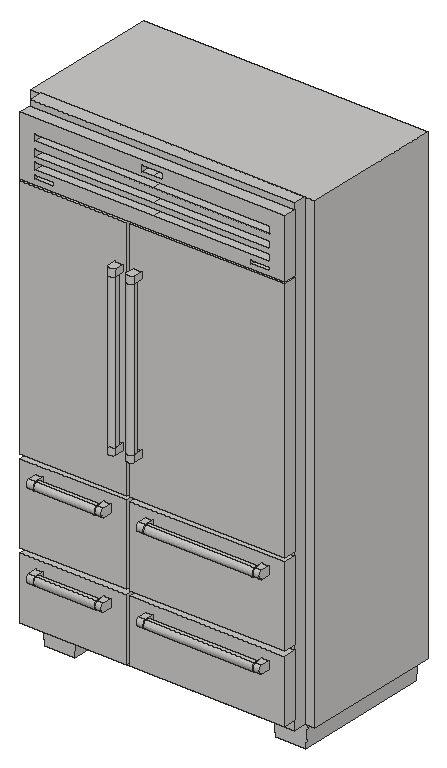
Revit family "PRO4850", category Specialty Equipment, Revit 2017
Family settings
  Round Connector Dimension = Use Diameter
  Part Type = Normal
  Work Plane-Based = No
  Always vertical = Yes
  Cut with Voids When Loaded = No
  Shared = No
  Room Calculation Point = No
Parameters
  URL = "www.yepsketch.com"
  Model = "PRO4850"
  AUTOR = "Yepsketch"
Reference planes
  plane 1 "Center (Front/Back)": y = 0
  plane 2: z = 0
  plane 3 "Center (Left/Right)": x = 0
  plane 4: x = 609.5
  plane 5: x = -609.5
  plane 6: y = 606
  plane 7: z = 2134
  plane 8: z = 775
  plane 9: z = 1845
  plane 10: y = -161
  plane 11: z = 102
  plane 12: x = -568.324
  plane 13: x = 568.324
Forms (mm)
  Extrusion 1, solid, material "stainlees steel"
    sketch origin (0, 0, 0) x (1, 0, 0) y (0, 1, 0)
      loop
        line (609.5, 606) -> (-609.5, 606) -> (-609.5, 0) -> (609.5, 0) -> (609.5, 606)
    from 102 to 2134
  Extrusion 2, solid, material "stainlees steel"
    sketch origin (0, 0, 0) x (0, 1, 0) y (0, 0, 1)
      loop
        line (0, 2134) -> (-55, 2134) -> (-55, 102) -> (0, 102) -> (0, 2134)
    from -568.324 to 568.324
  Extrusion 3, solid, material "stainlees steel"
    sketch origin (0, 0, 0) x (0, 1, 0) y (0, 0, 1)
      loop
        line (-55, 2109) -> (-110, 2109) -> (-110, 1854) -> (-55, 1854) -> (-55, 2109)
    from -568.324 to 568.324
  Extrusion 4, solid, material "stainlees steel"
    sketch origin (0, 0, 0) x (0, 1, 0) y (0, 0, 1)
      loop
        line (-55, 141.822) -> (-55, 411.822) -> (-110, 411.822) -> (-110, 141.822) -> (-55, 141.822)
    from -95.664 to 568.324
  Extrusion 5, solid, material "stainlees steel"
    sketch origin (0, 0, 290) x (0, 1, 0) y (0, 0, 1)
      loop
        line (-55, 141.822) -> (-55, 485) -> (-110, 485) -> (-110, 141.822) -> (-55, 141.822)
    from -95.664 to 568.324
  Extrusion 6, solid, material "stainlees steel"
    sketch origin (-680, 0, 0) x (0, 1, 0) y (0, 0, 1)
      loop
        line (-55, 141.822) -> (-55, 411.822) -> (-110, 411.822) -> (-110, 141.822) -> (-55, 141.822)
    from 111.676 to 568.324
  Extrusion 7, solid, material "stainlees steel"
    sketch origin (-680, 0, 290) x (0, 1, 0) y (0, 0, 1)
      loop
        line (-55, 141.822) -> (-55, 485) -> (-110, 485) -> (-110, 141.822) -> (-55, 141.822)
    from 111.676 to 568.324
  Extrusion 8, solid, material "stainlees steel"
    sketch origin (0, 0, 650) x (0, 1, 0) y (0, 0, 1)
      loop
        line (-55, 141.822) -> (-55, 1195) -> (-110, 1195) -> (-110, 141.822) -> (-55, 141.822)
    from -95.664 to 568.324
  Extrusion 9, solid, material "stainlees steel"
    sketch origin (-680, 0, 650) x (0, 1, 0) y (0, 0, 1)
      loop
        line (-55, 141.822) -> (-55, 1195) -> (-110, 1195) -> (-110, 141.822) -> (-55, 141.822)
    from 111.676 to 568.324
  Extrusion 10, solid, material "stainlees steel"
    sketch origin (0, 0, 0) x (1, 0, 0) y (0, 0, 1)
      loop
        line (568.324, 102) -> (420.476, 102) -> (429.4, 0) -> (559.4, 0) -> (568.324, 102)
    from -606 to -13.855
  Extrusion 11, solid, material "stainlees steel"
    sketch origin (-3.678, 0, 0) x (-1, 0, 0) y (0, 0, -1)
      loop
        line (568.324, -102) -> (559.4, 0) -> (429.4, 0) -> (420.476, -102) -> (568.324, -102)
    from -606 to -13.855
  Extrusion 12, solid, material "stainlees steel"
    sketch origin (0, 5.594, 0) x (0, 1, 0) y (0, 0, 1)
      loop
        line (-115.594, 336.822) -> (-115.594, 371.822) -> (-155, 371.822)
        arc (-155, 371.822) -> (-166.594, 354.322) -> (-155, 336.822) r 19.005
        line (-155, 336.822) -> (-115.594, 336.822)
    from 471.395 to 500.414
  Extrusion 13, solid, material "stainlees steel"
    sketch origin (0, 5.594, 365) x (0, 1, 0) y (0, 0, 1)
      loop
        line (-115.594, 336.822) -> (-115.594, 371.822) -> (-155, 371.822)
        arc (-155, 371.822) -> (-166.594, 354.322) -> (-155, 336.822) r 19.005
        line (-155, 336.822) -> (-115.594, 336.822)
    from 471.395 to 500.414
  Extrusion 14, solid, material "stainlees steel"
    sketch origin (472.66, 5.594, 365) x (0, 1, 0) y (0, 0, -1)
      loop
        line (-115.594, -336.822) -> (-155, -336.822)
        arc (-155, -336.822) -> (-166.594, -354.322) -> (-155, -371.822) r 19.005
        line (-155, -371.822) -> (-115.594, -371.822) -> (-115.594, -336.822)
    from 471.395 to 500.414
  Extrusion 15, solid, material "stainlees steel"
    sketch origin (-680, 5.594, 0) x (0, 1, 0) y (0, 0, 1)
      loop
        line (-115.594, 336.822) -> (-115.594, 371.822) -> (-155, 371.822)
        arc (-155, 371.822) -> (-166.594, 354.322) -> (-155, 336.822) r 19.005
        line (-155, 336.822) -> (-115.594, 336.822)
    from 471.395 to 500.414
  Extrusion 16, solid, material "stainlees steel"
    sketch origin (0, 5.594, 0) x (0, 1, 0) y (0, 0, -1)
      loop
        line (-115.594, -336.822) -> (-155, -336.822)
        arc (-155, -336.822) -> (-166.594, -354.322) -> (-155, -371.822) r 19.005
        line (-155, -371.822) -> (-115.594, -371.822) -> (-115.594, -336.822)
    from 471.395 to 500.414
  Extrusion 17, solid, material "stainlees steel"
    sketch origin (472.66, 5.594, 0) x (0, 1, 0) y (0, 0, -1)
      loop
        line (-115.594, -336.822) -> (-155, -336.822)
        arc (-155, -336.822) -> (-166.594, -354.322) -> (-155, -371.822) r 19.005
        line (-155, -371.822) -> (-115.594, -371.822) -> (-115.594, -336.822)
    from 471.395 to 500.414
  Extrusion 18, solid, material "stainlees steel"
    sketch origin (-680, 5.594, 365) x (0, 1, 0) y (0, 0, 1)
      loop
        line (-115.594, 336.822) -> (-115.594, 371.822) -> (-155, 371.822)
        arc (-155, 371.822) -> (-166.594, 354.322) -> (-155, 336.822) r 19.005
        line (-155, 336.822) -> (-115.594, 336.822)
    from 471.395 to 500.414
  Extrusion 19, solid, material "stainlees steel"
    sketch origin (0, 5.594, 365) x (0, 1, 0) y (0, 0, -1)
      loop
        line (-115.594, -336.822) -> (-155, -336.822)
        arc (-155, -336.822) -> (-166.594, -354.322) -> (-155, -371.822) r 19.005
        line (-155, -371.822) -> (-115.594, -371.822) -> (-115.594, -336.822)
    from 471.395 to 500.414
  Extrusion 20, solid, material "stainlees steel"
    sketch origin (0, 5.594, 0) x (0, 1, 0) y (0, 0, 1)
      loop
        arc (-155, 371.822) -> (-166.594, 354.322) -> (-155, 336.822) r 19.005
        line (-155, 336.822) -> (-140.178, 336.822) -> (-140.178, 371.822) -> (-155, 371.822)
    from 1.265 to 471.395
  Extrusion 21, solid, material "stainlees steel"
    sketch origin (0, 5.594, 365) x (0, 1, 0) y (0, 0, 1)
      loop
        arc (-155, 371.822) -> (-166.594, 354.322) -> (-155, 336.822) r 19.005
        line (-155, 336.822) -> (-140.178, 336.822) -> (-140.178, 371.822) -> (-155, 371.822)
    from 1.265 to 471.395
  Extrusion 22, solid, material "stainlees steel"
    sketch origin (-680, 5.594, 365) x (0, 1, 0) y (0, 0, 1)
      loop
        arc (-155, 371.822) -> (-166.594, 354.322) -> (-155, 336.822) r 19.005
        line (-155, 336.822) -> (-140.178, 336.822) -> (-140.178, 371.822) -> (-155, 371.822)
    from 208.605 to 471.395
  Extrusion 23, solid, material "stainlees steel"
    sketch origin (-680, 5.594, 0) x (0, 1, 0) y (0, 0, 1)
      loop
        arc (-155, 371.822) -> (-166.594, 354.322) -> (-155, 336.822) r 19.005
        line (-155, 336.822) -> (-140.178, 336.822) -> (-140.178, 371.822) -> (-155, 371.822)
    from 208.605 to 471.395
  Extrusion 24, solid, material "stainlees steel"
    sketch origin (-417.971, 5.594, 1177.101) x (1, 0, 0) y (0, 1, 0)
      loop
        line (336.822, -115.594) -> (336.822, -155)
        arc (336.822, -155) -> (354.322, -166.594) -> (371.822, -155) r 19.005
        line (371.822, -155) -> (371.822, -115.594) -> (336.822, -115.594)
    from 471.395 to 500.414
  Extrusion 25, solid, material "stainlees steel"
    sketch origin (-417.971, 5.594, 489.441) x (0, 1, 0) y (-1, 0, 0)
      loop
        line (-115.594, -336.822) -> (-155, -336.822)
        arc (-155, -336.822) -> (-166.594, -354.322) -> (-155, -371.822) r 19.005
        line (-155, -371.822) -> (-115.594, -371.822) -> (-115.594, -336.822)
    from 471.395 to 500.414
  Extrusion 26, solid, material "stainlees steel"
    sketch origin (-417.971, 5.594, 1177.101) x (1, 0, 0) y (0, 1, 0)
      loop
        line (371.822, -155) -> (371.822, -140.178) -> (336.822, -140.178) -> (336.822, -155)
        arc (336.822, -155) -> (354.322, -166.594) -> (371.822, -155) r 19.005
    from -187.245 to 471.395
  Extrusion 27, solid, material "stainlees steel"
    sketch origin (210.631, 5.594, 1177.101) x (1, 0, 0) y (0, 1, 0)
      loop
        line (-336.822, -115.594) -> (-371.822, -115.594) -> (-371.822, -155)
        arc (-371.822, -155) -> (-354.322, -166.594) -> (-336.822, -155) r 19.005
        line (-336.822, -155) -> (-336.822, -115.594)
    from 471.395 to 500.414
  Extrusion 28, solid, material "stainlees steel"
    sketch origin (210.631, 5.594, 489.441) x (0, 1, 0) y (-1, 0, 0)
      loop
        line (-115.594, 336.822) -> (-115.594, 371.822) -> (-155, 371.822)
        arc (-155, 371.822) -> (-166.594, 354.322) -> (-155, 336.822) r 19.005
        line (-155, 336.822) -> (-115.594, 336.822)
    from 471.395 to 500.414
  Extrusion 29, solid, material "stainlees steel"
    sketch origin (210.631, 5.594, 1177.101) x (1, 0, 0) y (0, 1, 0)
      loop
        arc (-371.822, -155) -> (-354.322, -166.594) -> (-336.822, -155) r 19.005
        line (-336.822, -155) -> (-336.822, -140.178) -> (-371.822, -140.178) -> (-371.822, -155)
    from -187.245 to 471.395
  Extrusion 30, void
    sketch origin (0, 0, 0) x (1, 0, 0) y (0, 0, 1)
      loop
        line (0, 2089) -> (-45, 2089) -> (-45, 2064) -> (0, 2064) -> (45, 2064) -> (45, 2089) -> (0, 2089)
      loop
        line (0, 2049) -> (-505, 2049) -> (-505, 2019) -> (0, 2019) -> (505, 2019) -> (505, 2049) -> (0, 2049)
      loop
        line (0, 1989) -> (-505, 1989) -> (-505, 1959) -> (0, 1959) -> (505, 1959) -> (505, 1989) -> (0, 1989)
      loop
        line (0, 1939) -> (-505, 1939) -> (-505, 1909) -> (0, 1909) -> (505, 1909) -> (505, 1939) -> (0, 1939)
      loop
        line (424.553, 1890.625) -> (424.553, 1872.897) -> (505, 1872.897) -> (505, 1890.625) -> (424.553, 1890.625)
      loop
        line (-424.553, 1890.625) -> (-505, 1890.625) -> (-505, 1872.897) -> (-424.553, 1872.897) -> (-424.553, 1890.625)
    from 0 to 250
Cuts and joins
  Extrusion 30 cuts Extrusion 1
  Extrusion 30 cuts Extrusion 2
  Extrusion 30 cuts Extrusion 3
Lines and regions (mm)
  symbolic lines
    curve 1: line (-111.676, 0, 791.822) -> (-95.664, 0, 791.822)
Dimensions and locks
  plane 3 "Center (Left/Right)" to plane 4 = 609.5 mm
  plane 1 "Center (Front/Back)" to plane 6 = 606 mm
  plane 5 to plane 3 "Center (Left/Right)" = 609.5 mm
  plane 7 to level = 2134 mm
  plane 8 to level = 775 mm
  plane 9 to plane 8 = 1070 mm
  plane 10 to plane 6 = 767 mm
  plane 11 to level = 102 mm
  aligned and locked: level to plane 2
